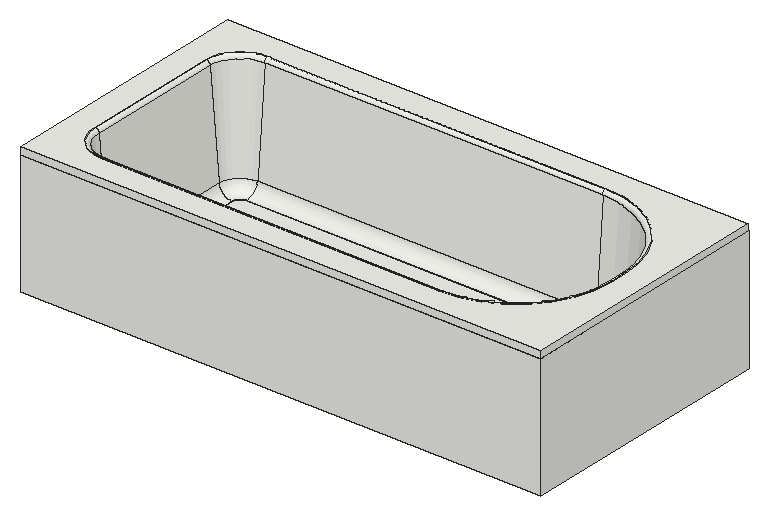
Revit family
Parameters
  Depth = 762.00 mm
  Height = 380.00 mm
  Tub Material = Porcelain - Ivory
  Width = 1525.00 mm
Reference planes
  plane 1: y = 0
  plane 2: y = 76.2
  plane 3: y = 838.2
  plane 4: x = -1110.603
  plane 5: x = 414.397
  plane 6: y = 457.2
  plane 7: x = -348.103
  plane 8: z = 380
  plane 9: z = 360.95
Forms (mm)
  Sweep 1, solid, material "Porcelain - Ivory" <- "Tub Material"
    path origin (0, 0, 380) x (0, 1, 0) y (-1, 0, 0)
      loop
        line (762, -58.797) -> (762, 932.803)
        arc (762, 932.803) -> (732.242, 1004.645) -> (660.4, 1034.403) r 101.6
        line (660.4, 1034.403) -> (254, 1034.403)
        arc (254, 1034.403) -> (182.158, 1004.645) -> (152.4, 932.803) r 101.6
        line (152.4, 932.803) -> (152.4, -58.797)
        arc (152.4, -58.797) -> (234.234, -256.363) -> (431.8, -338.197) r 279.4
        line (431.8, -338.197) -> (482.6, -338.197)
        arc (482.6, -338.197) -> (680.166, -256.363) -> (762, -58.797) r 279.4
    profile origin (-437.003, 0, 380) x (0, -1, 0) y (0, 0, 1)
      loop
        line (-762, 0) -> (-762, -364.136) -> (-685.396, -364.136) -> (-685.396, -345.086)
        arc (-685.396, -345.086) -> (-711.136, -335.077) -> (-723.351, -310.307) r 38.1
        line (-723.351, -310.307) -> (-749.522, -11.177)
        arc (-749.522, -11.177) -> (-753.624, -3.203) -> (-762, 0) r 12.554
  Extrusion 2, solid, material "Porcelain - Ivory" <- "Tub Material"
    sketch origin (58.797, 431.8, 15.864) x (0, -1, 0) y (1, 0, 0)
      loop
        arc (-253.596, -991.6) -> (-246.275, -1009.275) -> (-228.6, -1016.596) r 24.996
        line (-228.6, -1016.596) -> (177.8, -1016.596)
        arc (177.8, -1016.596) -> (195.475, -1009.275) -> (202.796, -991.6) r 24.996
        line (202.796, -991.6) -> (202.796, 0)
        arc (202.796, 0) -> (143.399, 143.399) -> (0, 202.796) r 202.796
        line (0, 202.796) -> (-50.8, 202.796)
        arc (-50.8, 202.796) -> (-194.199, 143.399) -> (-253.596, 0) r 202.796
        line (-253.596, 0) -> (-253.596, -991.6)
      loop
        circle (-25.4, -972.394) r 22.225
    from 0 to 19.05
  Extrusion 3, solid, material "Porcelain - Ivory" <- "Tub Material"
    sketch origin (0, 0, 0) x (1, 0, 0) y (0, 1, 0)
      loop
        line (-1110.603, 838.2) -> (-1110.603, 76.2) -> (414.397, 76.2) -> (414.397, 838.2) -> (-1110.603, 838.2)
      loop
        line (-1091.553, 819.15) -> (-1091.553, 95.25) -> (395.347, 95.25) -> (395.347, 819.15) -> (-1091.553, 819.15)
    from 0 to 360.95
  Extrusion 4, solid, material "Porcelain - Ivory" <- "Tub Material"
    sketch origin (0, 0, 380) x (0, 1, 0) y (-1, 0, 0)
      loop
        line (838.2, 1110.603) -> (76.2, 1110.603) -> (76.2, -414.397) -> (838.2, -414.397) -> (838.2, 1110.603)
      loop
        line (762, -58.797) -> (762, 932.803)
        arc (762, 932.803) -> (732.242, 1004.645) -> (660.4, 1034.403) r 101.6
        line (660.4, 1034.403) -> (254, 1034.403)
        arc (254, 1034.403) -> (182.158, 1004.645) -> (152.4, 932.803) r 101.6
        line (152.4, 932.803) -> (152.4, -58.797)
        arc (152.4, -58.797) -> (234.234, -256.363) -> (431.8, -338.197) r 279.4
        line (431.8, -338.197) -> (482.6, -338.197)
        arc (482.6, -338.197) -> (680.166, -256.363) -> (762, -58.797) r 279.4
    from 0 to -19.05
Lines and regions (mm)
  symbolic lines
    curve 1: line (-1110.603, 838.2, 0) -> (414.397, 838.2, 0)
    curve 2: line (-1110.603, 76.2, 0) -> (-1110.603, 838.2, 0)
    curve 3: line (414.397, 76.2, 0) -> (-1110.603, 76.2, 0)
    curve 4: line (414.397, 838.2, 0) -> (414.397, 76.2, 0)
    curve 5: line (-932.803, 152.4, 0) -> (58.797, 152.4, 0)
    curve 6: line (-1034.403, 660.4, 0) -> (-1034.403, 254, 0)
    curve 7: line (58.797, 762, 0) -> (-932.803, 762, 0)
    curve 8: line (338.197, 431.8, 0) -> (338.197, 482.6, 0)
    curve 9: arc (-932.803, 762, 0) -> (-1004.645, 732.242, 0) -> (-1034.403, 660.4, 0) r 101.6
    curve 10: arc (-1034.403, 254, 0) -> (-1004.645, 182.158, 0) -> (-932.803, 152.4, 0) r 101.6
    curve 11: arc (58.797, 762, 0) -> (256.363, 680.166, 0) -> (338.197, 482.6, 0) r 279.4
    curve 12: arc (338.197, 431.8, 0) -> (256.363, 234.234, 0) -> (58.797, 152.4, 0) r 279.4
    curve 13: arc (-913.597, 479.425, 0) -> (-891.372, 457.2, 0) -> (-913.597, 434.975, 0) r 22.225
    curve 14: arc (-913.597, 434.975, 0) -> (-935.822, 457.2, 0) -> (-913.597, 479.425, 0) r 22.225
Text (mm)
  text "Interior" at (0, 975.983, 732.49), in view "Right"
  text "Interior" at (0, 649.11, 765.354), in view "Left"
Dimensions and locks
  equal spacing: plane 4, plane 7, plane 5
  "Width": plane 4 to plane 5
  equal spacing: plane 2, plane 6, plane 3
  "Depth": plane 2 to plane 3
  "Height": host wall to plane 8
  locked: plane 9 to plane 8 at 19.05
  aligned and locked: plane 2 to host wall
  aligned and locked: Sweep 1 sketch curve to Extrusion 4  (x2)
  aligned and locked: Extrusion 2 sketch curve to Sweep 1  (x2)
  aligned and locked: Sweep 1 to Extrusion 4
  aligned and locked: Extrusion 3 to plane 9
Automatic sketch dimensions
  Sweep 1 sketch curve to plane 8 = 0.00 mm
  Sweep 1 sketch curve to profile plane = 0.00 mm
  plane 8 to Sweep 1 sketch curve = 11.177 mm
  Sweep 1 sketch curve to profile plane = 12.478 mm
  Sweep 1 sketch curve to profile plane = 38.649 mm
  Sweep 1 sketch curve to Sweep 1 sketch curve = 37.955 mm
  Sweep 1 sketch curve to Sweep 1 sketch curve = 295.81 mm
  Sweep 1 sketch curve to Sweep 1 sketch curve = 3.321 mm
  Sweep 1 sketch curve to Sweep 1 sketch curve = 19.05 mm
  Extrusion 3 sketch curve to plane 3 = 0.00 mm
  Extrusion 3 sketch curve to plane 4 = 0.00 mm
  Extrusion 3 sketch curve to plane 2 = 0.00 mm
  Extrusion 3 sketch curve to plane 5 = 0.00 mm
  plane 4 to Extrusion 3 sketch curve = 19.05 mm
  Extrusion 3 sketch curve to Extrusion 3 sketch curve = 19.05 mm
  Extrusion 3 sketch curve to plane 2 = 19.05 mm
  plane 3 to Extrusion 3 sketch curve = 19.05 mm
  Extrusion 4 sketch curve to plane 2 = 0.00 mm
  Extrusion 4 sketch curve to plane 3 = 0.00 mm
  Extrusion 4 sketch curve to plane 2 = 76.20 mm
  plane 4 to Extrusion 4 sketch curve = 76.20 mm
  Extrusion 4 sketch curve to Extrusion 4 sketch curve = 101.60 mm
  plane 6 to Extrusion 4 sketch curve = 25.40 mm
  Extrusion 4 sketch curve to plane 6 = 25.40 mm
  Extrusion 4 sketch curve to Extrusion 4 sketch curve = 177.80 mm
  plane 3 to Extrusion 4 sketch curve = 76.20 mm
  Extrusion 4 sketch curve to plane 5 = 0.00 mm
  Extrusion 4 sketch curve to plane 4 = 0.00 mm
  Extrusion 4 sketch curve to plane 5 = 76.20 mm
  Sweep 1 sketch curve to Sweep 1 sketch curve = 101.60 mm
  plane 6 to Sweep 1 sketch curve = 25.40 mm
  Sweep 1 sketch curve to plane 6 = 25.40 mm
  plane 3 to Sweep 1 sketch curve = 177.80 mm
  plane 3 to Sweep 1 sketch curve = 76.20 mm
  plane 4 to Sweep 1 sketch curve = 177.80 mm
  Extrusion 2 sketch curve to plane 6 = 0.00 mm
  Extrusion 2 sketch curve to Extrusion 2 sketch curve = 22.225 mm
  Extrusion 2 sketch curve to plane 6 = 25.40 mm
  plane 3 to Extrusion 2 sketch curve = 177.80 mm
  plane 3 to Extrusion 2 sketch curve = 152.804 mm
  plane 6 to Extrusion 2 sketch curve = 25.40 mm
  Extrusion 2 sketch curve to Extrusion 2 sketch curve = 24.996 mm
  plane 4 to Extrusion 2 sketch curve = 197.006 mm
  plane 4 to Extrusion 2 sketch curve = 177.80 mm
  curve 3 to host wall = 0.00 mm
  curve 3 to plane 4 = 0.00 mm
  curve 14 to plane 6 = 0.00 mm
  curve 4 to plane 3 = 0.00 mm
  curve 4 to plane 5 = 0.00 mm
  plane 4 to curve 6 = 76.20 mm
  host wall to curve 5 = 76.20 mm
  curve 10 to curve 5 = 101.60 mm
  plane 3 to curve 9 = 76.20 mm
  curve 6 to curve 9 = 101.60 mm
  plane 6 to curve 14 = 22.225 mm
  curve 10 to curve 14 = 19.206 mm
  curve 7 to plane 5 = 355.60 mm
  curve 5 to curve 11 = 0.00 mm
  plane 6 to curve 12 = 25.40 mm
